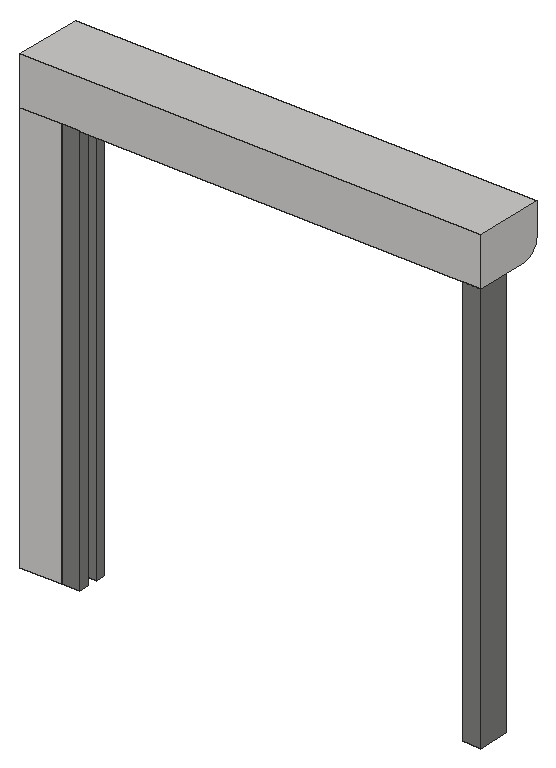
Revit family "AQ0030_Profil linteau réduit EXCLUSIVE", category Portes, Revit 2024
Family settings
  Hôte = Mur
  Numéro OmniClass = 23.30.10.00
  Titre OmniClass = Doors
  Toujours verticalement = Oui
  Couper avec des vides une fois chargée = Non
  Partagée = Non
  Repère de localisation dans la pièce = Non
Parameters
  Profondeur_Montant_Industrie = 95 mm
  Position Ouvert [instance] = yes
  Position Fermée [instance] = not(Position Ouvert)  # no
  Ouverture Standard [instance] = yes
  Ouverture ContrePoids [instance] = not(Ouverture Standard)  # no
  Largeur_Montant_Industrie = 160 mm
  Hauteur_Volet = 251.5 mm
  Hauteur_Ouverture_Porte = 1320 mm
  Hauteur_Boite_Elec = 1000 mm
  Haut_Volet_Roulant = 301 mm
  Fonction = Intérieur
  Projection - Ext. de l'encadrement = 25 mm
  Projection Int. de l'encadrement = 25 mm
  Largeur du cadre = 75 mm
  Height [instance] = 2100.5 mm
  Fermeture du mur = Par hôte
  Width [instance] = 2000 mm
  Ebrasement = 20 mm
  Définir les propriétés thermiques par = Type schématique
  Dim_Boite_Elec_Largeur = 400 mm
  Dim_Boit_Elec_Longueur = 400 mm
  Decalage_Boite_Elec = 200 mm
  Construction analytique = "<Aucun>"
Reference planes
  plane 1: y = 0
  plane 2 "Centre (gauche/droite)": x = 0
  plane 3 "Gauche": x = -1000
  plane 4 "Droite": x = 1000
  plane 5: z = 2100.5
  plane 6 "Extérieur": y = 75
  plane 7 "Intérieur": y = -75
  plane 8: y = 235
  plane 9: x = -1095
  plane 10: y = 235
  plane 11: x = 1095
  plane 12: y = 155
  plane 13: y = 155
  plane 14: z = 2401.5
  plane 15: z = 2150
  plane 16: x = -1310
  plane 17: y = 155.5
Forms (mm)
  Extrusion 1, solid, material "Acier"
    sketch origin (0, 0, 0) x (1, 0, 0) y (0, 1, 0)
      loop
        line (1095, 235) -> (1000, 235) -> (1000, 185) -> (1078, 185) -> (1078, 125) -> (1000, 125) -> (1000, 75) -> (1095, 75) -> (1095, 235)
      loop
        line (-1000, 75) -> (-1000, 125) -> (-1078, 125) -> (-1078, 185) -> (-1000, 185) -> (-1000, 235) -> (-1095, 235) -> (-1095, 75) -> (-1000, 75)
    from 0 to 2150
  Extrusion 2, solid, material "Acier fin"
    sketch origin (0, 0, 0) x (0, 1, 0) y (0, 0, 1)
      loop
        line (330, 2150) -> (75, 2150) -> (75, 0) -> (235, 0) -> (235, 1872.5) -> (330, 2150)
    from -1310 to -1095
  Extrusion 3, solid, material "Bleu", visible <- "Position Fermée"
    sketch origin (0, 75, 0) x (1, 0, 0) y (0, 0, 1)
      loop
        line (1071.5, 2150) -> (-1071.5, 2150) -> (-1071.5, 0) -> (1071.5, 0) -> (1071.5, 2150)
      loop
        line (921.5, 1720) -> (75, 1720) -> (75, 1320) -> (921.5, 1320) -> (921.5, 1720)
      loop
        line (-75, 1720) -> (-921.5, 1720) -> (-921.5, 1320) -> (-75, 1320) -> (-75, 1720)
    from -79.5 to -80.5
  Extrusion 4, solid, material "Noir", visible <- "Position Fermée"
    sketch origin (0, 0, 0) x (0, 1, 0) y (0, 0, 1)
      loop
        line (155.5, 0) -> (166, 0) -> (166, 232.5) -> (156.5, 251.17) -> (156.5, 270) -> (155.5, 270) -> (155.5, 0)
    from -1071.5 to 1071.5
  Extrusion 5, solid, material "Noir", visible <- "Position Fermée"
    sketch origin (0, 0, 250) x (0, 1, 0) y (0, 0, 1)
      loop
        line (155, 86) -> (156.5, 86) -> (156.5, 106) -> (166, 123.5) -> (166, 158.5) -> (156.5, 177.17) -> (156.5, 196) -> (155, 196) -> (155, 86)
    from -1071.5 to 1071.5
  Extrusion 6, solid, material "Noir", visible <- "Position Fermée"
    sketch origin (0, 0, 1090) x (0, 1, 0) y (0, 0, 1)
      loop
        line (155, 86) -> (156.5, 86) -> (156.5, 106) -> (166, 123.5) -> (166, 158.5) -> (156.5, 177.17) -> (156.5, 196) -> (155, 196) -> (155, 86)
    from -1071.5 to 1071.5
  Extrusion 7, solid, material "Noir", visible <- "Position Fermée"
    sketch origin (0, 0, 1670) x (0, 1, 0) y (0, 0, 1)
      loop
        line (155.5, 86) -> (156.5, 86) -> (156.5, 106) -> (166, 123.5) -> (166, 158.5) -> (156.5, 177.17) -> (156.5, 196) -> (155.5, 196) -> (155.5, 86)
    from -1071.5 to 1078
  Extrusion 8, solid, material "Noir", visible <- "Position Ouvert"
    sketch origin (0, 0, 2293) x (0, 1, 0) y (0, 0, 1)
      loop
        line (155.5, -192.5) -> (156.5, -192.5) -> (156.5, -172.5) -> (166, -155) -> (166, -120) -> (156.5, -101.33) -> (156.5, -82.5) -> (155.5, -82.5) -> (155.5, -192.5)
    from -1078 to 1078
  Extrusion 9, solid, material "Bleu", visible <- "Position Ouvert"
    sketch origin (0, 75, -2660) x (1, 0, 0) y (0, 0, 1)
      loop
        line (1071.5, 4810) -> (-1071.5, 4810) -> (-1071.5, 4760.5) -> (1071.5, 4760.5) -> (1071.5, 4810)
    from -79.5 to -80.5
  Extrusion 10, solid, material "Acier fin"
    sketch origin (0, 0, 0) x (0, 1, 0) y (0, 0, 1)
      loop
        line (75, 2150) -> (355, 2150)
        arc (355, 2150) -> (412.629, 2173.871) -> (436.5, 2231.5) r 81.5
        line (436.5, 2231.5) -> (436.5, 2401.5) -> (75, 2401.5) -> (75, 2150)
    from -1310 to 1095
  Extrusion 11, solid, material "Acier fin", visible <- "Ouverture ContrePoids"
    sketch origin (0, 0, 0) x (1, 0, 0) y (0, 1, 0)
      loop
        line (1095, 75) -> (1395, 75) -> (1395, 234.5) -> (1095, 234.5) -> (1095, 75)
    from 0 to 2150
Lines and regions (mm)
  Opening 1
    outline origin (-3050, -75, 0) x (1, 0, 0) y (0, 0, 1)
      loop
        line (2050, 0) -> (4050, 0) -> (4050, 2100.5) -> (2050, 2100.5) -> (2050, 0)
  symbolic lines, style "Sens d'ouverture de l'élévation"
    curve 1: line (1000, -75, 1050.25) -> (-1000, -75, 2100.5)
    curve 2: line (1000, -75, 1050.25) -> (-1000, -75, 0)
Text (mm)
  text "Extérieur" at (-2295.016, 1099.543, 0), in view "Niveau de réf."
  text "Extérieur" at (0, 1615.38, 3698.081), in view "Gauche"
  text "Extérieur" at (0, 1036.032, 3874.932), in view "Droite"
Dimensions and locks
  equal spacing: plane 3 "Gauche", plane 2 "Centre (gauche/droite)", plane 4 "Droite"
  "Width": plane 3 "Gauche" to plane 4 "Droite"
  "Height": plane 5 to host wall
  equal spacing: host wall, curve 2, plane 5
  host wall to plane 5 = 2100.5 mm
  locked: plane 6 "Extérieur" to host wall
  locked: plane 7 "Intérieur" to host wall
  "Profondeur_Montant_Industrie": plane 9 to plane 3 "Gauche"
  "Profondeur_Montant_Industrie": plane 4 "Droite" to plane 11
  "Largeur_Montant_Industrie": plane 6 "Extérieur" to plane 8
  "Largeur_Montant_Industrie": plane 6 "Extérieur" to plane 10
  equal spacing: plane 6 "Extérieur", plane 12, plane 10
  equal spacing: plane 8, plane 13, plane 6 "Extérieur"
  locked: plane 6 "Extérieur" to Extrusion 1 sketch curve at 50  (x2)
  locked: Extrusion 1 sketch curve to plane 10 at 50
  locked: Extrusion 1 sketch curve to plane 11 at 17
  locked: plane 8 to Extrusion 1 sketch curve at 50
  locked: plane 9 to Extrusion 1 sketch curve at 17
  "Haut_Volet_Roulant": plane 5 to plane 14
  "Hauteur_Volet": plane 15 to plane 14
  locked: plane 16 to plane 9 at 215
  locked: plane 4 "Droite" to Extrusion 3 sketch curve at 71.5
  locked: Extrusion 3 sketch curve to plane 3 "Gauche" at 71.5
  locked: Extrusion 3 sketch curve to Extrusion 3 sketch curve at 150  (x3)
  locked: Extrusion 3 sketch curve to Extrusion 3 sketch curve at 400  (x2)
  "Hauteur_Ouverture_Porte": Extrusion 3 sketch curve to Extrusion 3 sketch curve
  locked: plane 17 to plane 13 at 0.5
  locked: plane 17 to Extrusion 4 sketch curve at 10.5
  locked: Extrusion 4 sketch curve to Extrusion 4 sketch curve at 18.83
  locked: Extrusion 4 sketch curve to Extrusion 4 sketch curve at 37.5
  locked: plane 17 to Extrusion 4 sketch curve at 1
  locked: Extrusion 5 sketch curve to Extrusion 5 sketch curve at 110
  locked: Extrusion 5 sketch curve to Extrusion 5 sketch curve at 18.83
  locked: Extrusion 5 sketch curve to Extrusion 5 sketch curve at 20
  locked: Extrusion 5 sketch curve to Extrusion 5 sketch curve at 35
  locked: Extrusion 5 sketch curve to Extrusion 5 sketch curve at 37.5
  Extrusion 5 sketch curve to Extrusion 5 sketch curve = 37.5 mm
  locked: Extrusion 6 sketch curve to Extrusion 6 sketch curve at 110
  locked: Extrusion 6 sketch curve to Extrusion 6 sketch curve at 18.83
  locked: Extrusion 6 sketch curve to Extrusion 6 sketch curve at 20
  locked: Extrusion 6 sketch curve to Extrusion 6 sketch curve at 35
  locked: Extrusion 6 sketch curve to Extrusion 6 sketch curve at 37.5
  Extrusion 6 sketch curve to Extrusion 6 sketch curve = 37.5 mm
  locked: Extrusion 7 sketch curve to Extrusion 7 sketch curve at 110
  locked: Extrusion 7 sketch curve to Extrusion 7 sketch curve at 18.83
  locked: Extrusion 7 sketch curve to Extrusion 7 sketch curve at 20
  locked: Extrusion 7 sketch curve to Extrusion 7 sketch curve at 35
  locked: Extrusion 7 sketch curve to Extrusion 7 sketch curve at 37.5
  Extrusion 7 sketch curve to Extrusion 7 sketch curve = 37.5 mm
  locked: Extrusion 6 to Extrusion 7 at 470
  Extrusion 5 to Extrusion 6 = 730 mm
  Extrusion 4 to Extrusion 5 = 66 mm
  locked: Extrusion 8 sketch curve to Extrusion 8 sketch curve at 110
  locked: Extrusion 8 sketch curve to Extrusion 8 sketch curve at 18.83
  locked: Extrusion 8 sketch curve to Extrusion 8 sketch curve at 20
  locked: Extrusion 8 sketch curve to Extrusion 8 sketch curve at 35
  locked: Extrusion 8 sketch curve to Extrusion 8 sketch curve at 37.5
  Extrusion 8 sketch curve to Extrusion 8 sketch curve = 37.5 mm
  locked: Extrusion 9 sketch curve to plane 9 at 23.5
  locked: plane 11 to Extrusion 9 sketch curve at 23.5
  Extrusion 4 sketch curve to level = 270 mm
  locked: Extrusion 4 to Extrusion 5 sketch curve at 66
  Extrusion 6 sketch curve to level = 1176 mm
  plane 4 "Droite" to Extrusion 1 = 95 mm
  locked: host wall to Extrusion 10 sketch curve at 361.5
  Extrusion 8 to Extrusion 10 = 301 mm
  level to plane 14 = 2401.5 mm
  locked: plane 6 "Extérieur" to Extrusion 11 sketch curve at 159.5
  locked: plane 11 to Extrusion 11 sketch curve at 300
  aligned and locked: plane 3 "Gauche" to Opening 1 sketch curve
  aligned and locked: plane 5 to Opening 1 sketch curve  (x2)
  aligned and locked: Opening 1 sketch curve to plane 4 "Droite"
  aligned and locked: Opening 1 sketch curve to level
  aligned and locked: plane 5 to curve 1
  aligned and locked: plane 3 "Gauche" to curve 2
  aligned and locked: plane 1 to host wall
  aligned and locked: plane 3 "Gauche" to curve 1
  aligned and locked: Extrusion 1 sketch curve to plane 10
  aligned and locked: Extrusion 1 sketch curve to plane 6 "Extérieur"  (x2)
  aligned and locked: Extrusion 1 sketch curve to plane 4 "Droite"  (x2)
  aligned and locked: Extrusion 1 sketch curve to plane 11
  aligned and locked: Extrusion 1 sketch curve to plane 9
  aligned and locked: Extrusion 1 sketch curve to plane 8
  aligned and locked: Extrusion 1 sketch curve to plane 3 "Gauche"
  aligned and locked: Extrusion 1 to plane 15
  aligned and locked: plane 15 to Extrusion 2 sketch curve
  aligned and locked: host wall to Extrusion 2 sketch curve
  aligned and locked: Extrusion 2 to plane 16
  aligned and locked: plane 9 to Extrusion 2
  aligned and locked: Extrusion 3 sketch curve to level
  aligned and locked: Extrusion 3 sketch curve to plane 15
  aligned and locked: Extrusion 3 sketch curve to Extrusion 3 sketch curve
  aligned and locked: plane 17 to Extrusion 3
  aligned and locked: Extrusion 4 sketch curve to plane 17
  aligned and locked: Extrusion 4 to Extrusion 3
  aligned and locked: Extrusion 3 to Extrusion 4
  aligned and locked: Extrusion 5 sketch curve to Extrusion 5 sketch curve
  aligned and locked: Extrusion 3 to Extrusion 5
  aligned and locked: Extrusion 5 to Extrusion 3
  aligned and locked: Extrusion 6 sketch curve to Extrusion 6 sketch curve
  aligned and locked: Extrusion 6 to Extrusion 3
  aligned and locked: Extrusion 3 to Extrusion 6
  aligned and locked: plane 13 to Extrusion 6
  aligned and locked: plane 13 to Extrusion 5
  aligned and locked: Extrusion 7 sketch curve to Extrusion 7 sketch curve
  aligned and locked: Extrusion 7 to Extrusion 1
  aligned and locked: Extrusion 3 to Extrusion 7
  aligned and locked: Extrusion 7 to Extrusion 3
  aligned and locked: Extrusion 4 sketch curve to level
  aligned and locked: Extrusion 8 sketch curve to Extrusion 8 sketch curve
  aligned and locked: Extrusion 8 to Extrusion 1  (x2)
  aligned and locked: Extrusion 8 to Extrusion 3
  aligned and locked: Extrusion 9 sketch curve to plane 15
  aligned and locked: Extrusion 9 sketch curve to plane 5
  aligned and locked: Extrusion 2 sketch curve to level
  aligned and locked: Extrusion 2 sketch curve to Extrusion 1
  aligned and locked: plane 14 to Extrusion 10 sketch curve
  aligned and locked: Extrusion 10 sketch curve to host wall
  aligned and locked: Extrusion 10 sketch curve to plane 15
  aligned and locked: plane 11 to Extrusion 10
  aligned and locked: plane 16 to Extrusion 10
  aligned and locked: Extrusion 1 to Extrusion 11 sketch curve
  aligned and locked: Extrusion 11 sketch curve to Extrusion 1
  aligned and locked: Extrusion 1 to Extrusion 11
Automatic sketch dimensions
  curve 2 to level = 0 mm
  plane 4 "Droite" to curve 2 = 0 mm
  Extrusion 1 sketch curve to plane 3 "Gauche" = 0 mm
  Extrusion 5 sketch curve to plane 12 = 0 mm
  plane 17 to Extrusion 5 sketch curve = 1 mm
  plane 17 to Extrusion 5 sketch curve = 10.5 mm
  Extrusion 6 sketch curve to plane 12 = 0 mm
  plane 17 to Extrusion 6 sketch curve = 1 mm
  plane 17 to Extrusion 6 sketch curve = 10.5 mm
  Extrusion 7 sketch curve to plane 17 = 0 mm
  plane 17 to Extrusion 7 sketch curve = 1 mm
  plane 17 to Extrusion 7 sketch curve = 10.5 mm
  plane 5 to Extrusion 7 sketch curve = 344.5 mm
  plane 5 to Extrusion 8 sketch curve = 0 mm
  Extrusion 8 sketch curve to plane 17 = 0 mm
  plane 17 to Extrusion 8 sketch curve = 1 mm
  plane 17 to Extrusion 8 sketch curve = 10.5 mm
  plane 8 to Extrusion 10 sketch curve = 120 mm
  plane 5 to Extrusion 2 sketch curve = 228 mm
  plane 8 to Extrusion 2 sketch curve = 95 mm
  Extrusion 3 sketch curve to plane 2 "Centre (gauche/droite)" = 75 mm
